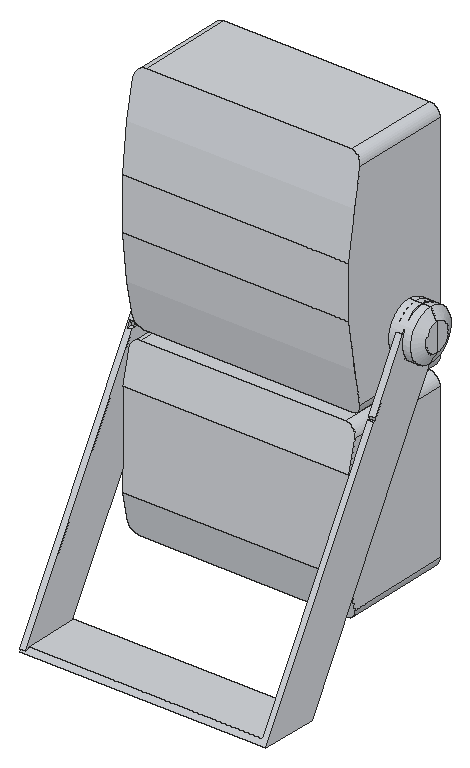
Revit family "Lighting-Floodlights-GEWISS-SMART[PRO]2.0-LED-MEDIUM-POWER_1MODULE_CLI", category Apparecchi per illuminazione, host Superficie, Revit 2019
Family settings
  Host = Superficie
  Quota connettore circolare = Usa diametro
  Tipo di parte = Normale
  Taglio con vuoti quando caricato = No
  Sorgente d'illuminazione = No
  Condiviso = No
  Punto di calcolo locali = Sì
Parameters (values of type "GWP2185NS - SMARTPRO2.0 1M 5700K CRI80 A3 1-10V CL1")
  Wiring = "Watertight connector"
  Weight (kg): = "5,7"
  Warranty = "5 years"
  Voltage- = ""
  Versions = "5700K cold light"
  Version file RFA = "20.11"
  VISIBILITA' SIMBOLO [instance] = yes
  VISIBILITA' PROIETTORE IN PIANTA [instance] = not(VISIBILITA' SIMBOLO)  # no
  Unique digital code (Datamatrix) = "Currently not present"
  Unified Glare Rating = "G*6 - ULOR = 0"
  URL = "https://www.gewiss.com/ww/en"
  Typology = ""
  Type of light source = "LED - Not replaceable"
  Tilt- = "Rotation on bracket with integrated goniometer"
  Technical sheet = "https://www.gewiss.com/ww/en/search?q=GWP2185NS"
  System power = "165W"
  Supply voltage = "220 - 240 V"
  Stocking temperature = "-"
  Standards and approvals = "-"
  Standard- = "EN60598-1; EN60598-2-5; EN60598-2-24; IEC 62778; IEC62471; EN13201"
  Standard Deviation Colour Matching = "SDCM = 3"
  Spostamento_y_anteriore [instance] = 400 mm
  Spostamento_x_effettivo_ET [instance] = 4000 mm - Spostamento_x_ET  # 2938.794 mm
  Spostamento_x_effettivo [instance] = 4000 mm - Spostamento_x  # 2938.794 mm
  Spostamento_x_ET [instance] = 1061.206 mm
  Spostamento_x [instance] = 1061.206 mm
  Shock resistance = "IK08"
  Shield type = "Flat tempered glass 4mm"
  SEO = "Floodlight"
  Regolazione inclinazione = ""
  Realized by GEWISS S.p.A. = ""
  Rated frequency (Hz) = "50 / 60"
  Default Elevation = 1219.2 mm
  Produttore = "GEWISS S.p.A."
  Photobiological Risk Class = "-"
  Overvoltage resistance : = ""
  Overvoltage protection = "DM 6 kV / CM 10 kV"
  Optic and illuminating features = "-"
  Optic Maintenance = "Not available"
  Optic : = "Polished anodised aluminum reflector with 99.99% pure aluminum"
  Optic = "A3 - Assymetric Narrow"
  Operating temperature: = ""
  Operating temperature : = "-30 +40 °C"
  Number of modules = ""
  Nome quadro [instance] = "330W"
  Mouting and installation = "High-mast lighting - Wall mounting - Ground mouting"
  Modello = "GWP2185NS"
  Minimum distance from the illuminated object = ""
  Maximum surface exposed to the wind : = "0,085 m2"
  Maximum surface exposed to the wind = ""
  Materials = "-"
  Luminaire = "LED luminaire with small,mid and high lumen power"
  Lumen output (lm) = "17600"
  Locking Hook = "Hexagonal metric screws"
  Lifetime = "L90B10 (Tq+25°C) - 50000h L90B10 (Tq+40°C) = 40000h L80B10 (Tq+25°C) - 110000h"
  Life Time L90B10 (Tq 50Â°C) : = ""
  Life Time L90B10 (Tq 40Â°C) = ""
  Life Time L90B10 (Tq 25Â°C) : = ""
  Life Time L80B10 (Tq 25Â°C) = ""
  Lamp- = ""
  LED current = ""
  LED Maintenance = "Not available"
  Insulation class = "I"
  Installationa and maintenance = "-"
  Immagine tipo = SMARTPRO20_1M.jpg
  IPEA = "ROAD = A // LARGE AREAS = A3 + // CYCLOPEDONALS = A + // GREEN AREAS = A + // HISTORICAL CENTER = A5 + // OTHER = A5 +"
  IP degree = "IP66"
  IDT = "e1d71c87574d4cdbb5424318827b01ba"
  IDF = "a5e66f1d-93b2-40d0-b850-0f4f564f9cc8"
  Glow Wire Test : = "-"
  General information = "-"
  Gasket = "Anti-aging silicone"
  GW - Codice Electrocod = "2424"
  Flusso nominale = ""
  Fixing = "Bracket"
  External screw = "Stainless steel"
  Eletrical and lighting features = "-"
  Efficiency (lm/W) = "107"
  Driver Box = "Built-in"
  Driver = "Included"
  Device with reduced surface temperature = "Yes"
  Descrizione = "SMARTPRO2.0 1M 5700K CRI80 A3 1-10V CL1"
  DIN 18032-3 certification = "Yes"
  Control System = "Stand Alone - 1/10V"
  Context = "Sport, Big Areas"
  Colour temperature: = ""
  Colour temperature = "5700K"
  Colour : = "Polyester powder coated"
  Colour = "Graphite grey"
  Color Rendering Index = "CRI-80"
  Classification: = "-"
  Catalogue Range = ""
  Catalogue = "LIGHTING"
  COBie.Tagnumber = ""
  COBie.CreatedOn = ""
  COBie.CreatebBy = ""
  COBie.ComponentRegisterItemID = ""
  COBie.Component.TagNumber = ""
  COBie.Component.Space = ""
  COBie.Component.SerialNumber = ""
  COBie.Component.InstallationDate = ""
  COBie.Component.Description = ""
  COBie.Component.BarCode = ""
  Body = "Die-cast aluminium -"
  Applicazione = "Indoor / Outdoor"
Reference planes
  plane 1 "Centro (Fronte/Retro)": y = 0
  plane 2: z = 0
  plane 3 "Centro (Sinistra/Destra)": x = 0
  plane 4: x = -2938.794
  plane 5: x = 0
  plane 6: x = 0
  plane 7: x = -110.332
  plane 8: x = 0
  plane 9: z = 400
Lines and regions (mm)
  Masking region 1, visible <- "VISIBILITA' PROIETTORE IN PIANTA"
    outline origin (0, 0, 0) x (1, 0, 0) y (0, 1, 0)
      loop
        line (-113.096, 45.653) -> (-113.096, -114.347) -> (116.904, -114.347) -> (116.904, 45.653) -> (127.64, 45.653) -> (133.668, 56.093) -> (133.668, 82.169) -> (127.64, 92.61) -> (106.168, 92.61) -> (106.168, 106.682) -> (-106.168, 106.682) -> (-106.168, 92.61) -> (-127.64, 92.61) -> (-133.668, 82.169) -> (-133.668, 56.093) -> (-127.64, 45.653) -> (-113.096, 45.653)
  Masking region 2, visible <- "VISIBILITA' PROIETTORE IN PIANTA"
    outline origin (0, 0, 0) x (1, 0, 0) y (0, 0, 1)
      loop
        line (-103.332, 218.171) -> (106.168, 218.171) -> (106.168, 246.133) -> (127.64, 246.133) -> (133.668, 256.573) -> (133.668, 282.649) -> (127.64, 293.081) -> (106.168, 293.081) -> (106.168, 438.501) -> (-106.168, 438.501) -> (-106.168, 296.105) -> (-127.64, 296.105) -> (-133.668, 285.674) -> (-133.668, 259.598) -> (-127.64, 249.157) -> (-103.332, 249.157) -> (-103.332, 218.171)
      loop
        line (-103.332, 212.854) -> (-103.332, 48.854) -> (106.168, 48.854) -> (106.168, 212.854) -> (-103.332, 212.854)
  Masking region 3, visible <- "VISIBILITA' PROIETTORE IN PIANTA"
    outline origin (0, 0, 0) x (1, 0, 0) y (0, 0, 1)
      loop
        line (-115.056, 249.157) -> (-115.056, 0) -> (119.168, 0) -> (119.168, 246.133) -> (113.168, 246.133) -> (113.168, 5) -> (-110.332, 5) -> (-110.332, 249.157) -> (-115.056, 249.157)
Dimensions and locks
  plane 4 to plane 3 "Centro (Sinistra/Destra)" = 2938.794 mm
  "Spostamento_x_effettivo": plane 4 to plane 5
  "Spostamento_x_effettivo_ET": plane 4 to plane 6
  Masking region 2 sketch curve to nested 1 = 7 mm
  "Spostamento_x_effettivo": plane 8 to plane 4
  "Spostamento_y_anteriore": plane 9 to plane 2
  aligned and locked: plane 2 to host face
  aligned and locked: level to host face
  aligned and locked: plane 1 "Centro (Fronte/Retro)" to nested 1
  aligned and locked: plane 5 to nested 3
  aligned and locked: plane 6 to nested 2
  aligned and locked: nested 4 to plane 8
  aligned and locked: nested 4 to plane 9
Automatic sketch dimensions
  host sketch curve to host sketch curve = 2438.4 mm  (x2)
  Masking region 1 sketch curve to plane 3 "Centro (Sinistra/Destra)" = 133.668 mm
  Masking region 1 sketch curve to Masking region 1 sketch curve = 6.028 mm  (x3)
  Masking region 1 sketch curve to plane 1 "Centro (Fronte/Retro)" = 45.653 mm  (x2)
  Masking region 1 sketch curve to Masking region 1 sketch curve = 21.472 mm  (x2)
  plane 3 "Centro (Sinistra/Destra)" to Masking region 1 sketch curve = 106.168 mm
  plane 3 "Centro (Sinistra/Destra)" to Masking region 1 sketch curve = 116.904 mm
  Masking region 1 sketch curve to Masking region 1 sketch curve = 10.736 mm
  plane 1 "Centro (Fronte/Retro)" to Masking region 1 sketch curve = 114.347 mm
  Masking region 1 sketch curve to Masking region 1 sketch curve = 10.44 mm  (x4)
  Masking region 1 sketch curve to Masking region 1 sketch curve = 26.076 mm  (x2)
  Masking region 1 sketch curve to Masking region 1 sketch curve = 14.072 mm
  Masking region 1 sketch curve to Masking region 1 sketch curve = 14.543 mm
  Masking region 2 sketch curve to Masking region 2 sketch curve = 6.028 mm  (x4)
  Masking region 2 sketch curve to Masking region 2 sketch curve = 24.307 mm
  Masking region 2 sketch curve to Masking region 2 sketch curve = 0 mm  (x2)
  Masking region 2 sketch curve to plane 3 "Centro (Sinistra/Destra)" = 106.168 mm
  level to Masking region 2 sketch curve = 48.854 mm
  Masking region 2 sketch curve to Masking region 2 sketch curve = 21.472 mm  (x2)
  Masking region 2 sketch curve to Masking region 2 sketch curve = 164 mm
  Masking region 2 sketch curve to Masking region 2 sketch curve = 5.317 mm
  Masking region 2 sketch curve to Masking region 2 sketch curve = 27.962 mm
  Masking region 2 sketch curve to Masking region 2 sketch curve = 30.986 mm
  Masking region 2 sketch curve to Masking region 2 sketch curve = 10.44 mm  (x2)
  Masking region 2 sketch curve to Masking region 2 sketch curve = 26.076 mm  (x2)
  Masking region 2 sketch curve to Masking region 2 sketch curve = 10.432 mm  (x2)
  Masking region 2 sketch curve to Masking region 2 sketch curve = 142.396 mm
  plane 3 "Centro (Sinistra/Destra)" to Masking region 2 sketch curve = 106.168 mm
  Masking region 3 sketch curve to level = 0 mm
  Masking region 3 sketch curve to plane 3 "Centro (Sinistra/Destra)" = 115.056 mm
  Masking region 3 sketch curve to Masking region 3 sketch curve = 4.724 mm
  level to Masking region 3 sketch curve = 5 mm
  plane 3 "Centro (Sinistra/Destra)" to Masking region 3 sketch curve = 113.168 mm
  Masking region 3 sketch curve to Masking region 3 sketch curve = 244.157 mm
  Masking region 3 sketch curve to Masking region 3 sketch curve = 6 mm
  Masking region 3 sketch curve to Masking region 3 sketch curve = 3.025 mm
Nested families
  nested 1: "Base_SMART[PRO]2.0 1M" at (-346.832, -103.584, 0), type "GWP2273AD - 3000K - Symm. S1 - 2x80 LED - 330W - IP66"
    with Vista in pianta no, VISIBILITA' SIMBOLO IN PIANTA no, VISIBILITA' SIMBOLO yes, VISIBILITA' PROIETTORE IN PIANTA yes, VISIBILITA' ETICHETTA yes, Distanza_x_ET 0 mm, Distanza_x 300 mm, Distanza_effettiva_y_sim 2433.54 mm, Distanza_effettiva_y_ET 1320 mm, Distanza_effettiva_x_ET 4000 mm, Distanza_effettiva_x 3700 mm
  nested 2: "ETICHETTA LIGHT" at (0, -183.617, 0), type "ETICHETTA LIGHT"
  nested 3: "PROIETTSMART - 2" at (0, 16.651, 0), visible <- "VISIBILITA' SIMBOLO", type "PROIETTSMART - 2"
  nested 4: "PROIETTSMART - 2" at (0, 0, 400) x (1, 0, 0) z (0, -1, 0), visible <- "VISIBILITA' SIMBOLO", type "PROIETTSMART - 2"
Definition of nested family "Base_SMART[PRO]2.0 1M"
  Parameters (values of type "GWP2273AD - 3000K - Symm. S1 - 2x80 LED - 330W - IP66")
    struttura = none
    l = 440 mm  # constant formula
    Vista in pianta [instance] = no
    VISIBILITA' PROIETTORE IN PIANTA [instance] = yes
    VISIBILITA' ETICHETTA [instance] = yes
    Vetro = none
    Versioni = "Luce calda 3000K"
    VISIBILITA' SIMBOLO IN PIANTA [instance] = not(VISIBILITA' SIMBOLO)  # no
    VISIBILITA' SIMBOLO [instance] = yes
    Tensione lampada = 230 V
    Temperatura di colore = "3000 K (CRI 70)"
    Superficie massima esposta al vento [mq] = "0,43"
    Serie = "SMART [PRO] 2.0"
    Resistenza agli urti = "IK08"
    Regolazione inclinazione = "-180° ÷ + 180° staffa"
    Default Elevation = 1219.2 mm
    Manufacturer = "GEWISS"
    Potenza di sistema = "330W"
    Peso (kg) = "13"
    Ottica = "Simmetrica S1"
    N° LED = "160"
    Numero moduli = "2 (2x80 LED)"
    Numero di poli = 2
    Model = "GWP2273AS"
    Lumen output (lm) = "34925"
    Lamp = "LED"
    Type Image = element 166027
    GW - Grado di protezione = "IP66"
    Garanzia = "5 anni"
    GEWISS SCHEDA TECNICA = "http://pro.gewiss.com/irj/portal/?NavigationTarget=pcd:portal_content/com.gewiss.ZPPFDMain/com.gewiss.ZPPFDITMain/com.gewiss.ZPPFDITMainDefault/com.gewiss.ZPPFDITPages/com.gewiss.ZPPFDITPagesAP/com.gewiss.ZPPFDITPagesAPCatalogo/com.gewiss.ZPPPDITAPProductDetail&codProd=GWP2273AD"
    Flusso nominale = "44800"
    Distanza_x_ET [instance] = 0 mm
    Distanza_x [instance] = 300 mm
    Distanza_effettiva_y_sim [instance] = 2433.54 mm
    Distanza_effettiva_y_ET [instance] = 1320 mm
    Distanza_effettiva_x_ET [instance] = 4000 mm - Distanza_x_ET  # 4000 mm
    Distanza_effettiva_x [instance] = 4000 mm - Distanza_x  # 3700 mm
    Description = "SMART PRO 2M 3000K CRI70 TYPE S1 DALI"
    GW - Codice Electrocod = "2424"
    Classe isolamento = "I"
    GW - Catalogo = "LIGHTING"
    Apparent Load = 330 VA
    Applicazione = "Interno / Esterno"
  Types (24, lengths in mm): name | Versioni | Temperatura di colore | Ottica | Lumen output (lm) | GEWISS SCHEDA TECNICA | Flusso nominale | Distanza_x | Distanza_effettiva_y_ET | Distanza_effettiva_x | Description
    GWP2273AD - 3000K - Symm. S1 - 2x80 LED - 330W - IP66 | "Luce calda 3000K" | "3000 K (CRI 70)" | "Simmetrica S1" | "34925" | "http://pro.gewiss.com/irj/portal/?NavigationTarget=pcd:portal_content/com.gewiss.ZPPFDMain/com.gewiss.ZPPFDITMain/com.gewiss.ZPPFDITMainDefault/com.gewiss.ZPPFDITPages/com.gewiss.ZPPFDITPagesAP/com.gewiss.ZPPFDITPagesAPCatalogo/com.gewiss.ZPPPDITAPProductDetail&codProd=GWP2273AD" | "44800" | 300 | 1320 | 3700 | "SMART PRO 2M 3000K CRI70 TYPE S1 DALI"
    GWP2273BD - 3000K - Symm. S2 - 2x80 LED - 330W - IP66 | "Luce calda 3000K" | "3000 K (CRI 70)" | "Simmetrica S2" | "37137" | "http://pro.gewiss.com/irj/portal/?NavigationTarget=pcd:portal_content/com.gewiss.ZPPFDMain/com.gewiss.ZPPFDITMain/com.gewiss.ZPPFDITMainDefault/com.gewiss.ZPPFDITPages/com.gewiss.ZPPFDITPagesAP/com.gewiss.ZPPFDITPagesAPCatalogo/com.gewiss.ZPPPDITAPProductDetail&codProd=GWP2273BD" | "44800" | 0 | 400 | 4000 | "SMART PRO 2M 3000K CRI70 TYPE S2 DALI"
    GWP2273CD - 3000K - Asymm. A1 - 2x80 LED - 330W - IP66 | "Luce calda 3000K" | "3000 K (CRI 70)" | "Asimmetrica A1" | "34141" | "http://pro.gewiss.com/irj/portal/?NavigationTarget=pcd:portal_content/com.gewiss.ZPPFDMain/com.gewiss.ZPPFDITMain/com.gewiss.ZPPFDITMainDefault/com.gewiss.ZPPFDITPages/com.gewiss.ZPPFDITPagesAP/com.gewiss.ZPPFDITPagesAPCatalogo/com.gewiss.ZPPPDITAPProductDetail&codProd=GWP2273CD" | "44800" | 0 | 400 | 4000 | "SMART PRO 2M 3000K CRI70 TYPE A1 DALI"
    GWP2273FD - 3000K - Asymm. A2 - 2x80 LED - 330W - IP66 | "Luce calda 3000K" | "3000 K (CRI 70)" | "Asimmetrica A2" | "29176" | "http://pro.gewiss.com/irj/portal/?NavigationTarget=pcd:portal_content/com.gewiss.ZPPFDMain/com.gewiss.ZPPFDITMain/com.gewiss.ZPPFDITMainDefault/com.gewiss.ZPPFDITPages/com.gewiss.ZPPFDITPagesAP/com.gewiss.ZPPFDITPagesAPCatalogo/com.gewiss.ZPPPDITAPProductDetail&codProd=GWP2273FD" | "44800" | 0 | 400 | 4000 | "SMART PRO 2M 3000K CRI70 TYPE A2 DALI"
    GWP2273GD - 3000K - Circ. C4 - 2x80 LED - 330W - IP66 | "Luce calda 3000K" | "3000 K (CRI 70)" | "Circolare C4" | "35261" | "http://pro.gewiss.com/irj/portal/?NavigationTarget=pcd:portal_content/com.gewiss.ZPPFDMain/com.gewiss.ZPPFDITMain/com.gewiss.ZPPFDITMainDefault/com.gewiss.ZPPFDITPages/com.gewiss.ZPPFDITPagesAP/com.gewiss.ZPPFDITPagesAPCatalogo/com.gewiss.ZPPPDITAPProductDetail&codProd=GWP2273GD" | "44800" | 0 | 400 | 4000 | "SMART PRO 2M 3000K CRI70 TYPE C4 DALI"
    GWP2273HD - 3000K - Circ. C3 - 2x80 LED - 330W - IP66 | "Luce calda 3000K" | "3000 K (CRI 70)" | "Circolare C3" | "35261" | "http://pro.gewiss.com/irj/portal/?NavigationTarget=pcd:portal_content/com.gewiss.ZPPFDMain/com.gewiss.ZPPFDITMain/com.gewiss.ZPPFDITMainDefault/com.gewiss.ZPPFDITPages/com.gewiss.ZPPFDITPagesAP/com.gewiss.ZPPFDITPagesAPCatalogo/com.gewiss.ZPPPDITAPProductDetail&codProd=GWP2273HD" | "44800" | 0 | 400 | 4000 | "SMART PRO 2M 3000K CRI70 TYPE C3 DALI"
    GWP2273LD - 3000K - Circ. C2 - 2x80 LED - 330W - IP66 | "Luce calda 3000K" | "3000 K (CRI 70)" | "Circolare C2" | "35261" | "http://pro.gewiss.com/irj/portal/?NavigationTarget=pcd:portal_content/com.gewiss.ZPPFDMain/com.gewiss.ZPPFDITMain/com.gewiss.ZPPFDITMainDefault/com.gewiss.ZPPFDITPages/com.gewiss.ZPPFDITPagesAP/com.gewiss.ZPPFDITPagesAPCatalogo/com.gewiss.ZPPPDITAPProductDetail&codProd=GWP2273LD" | "44800" | 0 | 400 | 4000 | "SMART PRO 2M 3000K CRI70 TYPE C2 DALI"
    GWP2273MD - 3000K - Circ. C1 - 2x80 LED - 330W - IP66 | "Luce calda 3000K" | "3000 K (CRI 70)" | "Circolare C1" | "35261" | "http://pro.gewiss.com/irj/portal/?NavigationTarget=pcd:portal_content/com.gewiss.ZPPFDMain/com.gewiss.ZPPFDITMain/com.gewiss.ZPPFDITMainDefault/com.gewiss.ZPPFDITPages/com.gewiss.ZPPFDITPagesAP/com.gewiss.ZPPFDITPagesAPCatalogo/com.gewiss.ZPPPDITAPProductDetail&codProd=GWP2273MD" | "44800" | 0 | 400 | 4000 | "SMART PRO 2M 3000K CRI70 TYPE C1 DALI"
    GWP2274AD - 4000K - Symm. S1 - 2x80 LED - 330W - IP66 | "Luce naturale 4000K" | "4000 K (CRI 70)" | "Simmetrica S1" | "37420" | "http://pro.gewiss.com/irj/portal/?NavigationTarget=pcd:portal_content/com.gewiss.ZPPFDMain/com.gewiss.ZPPFDITMain/com.gewiss.ZPPFDITMainDefault/com.gewiss.ZPPFDITPages/com.gewiss.ZPPFDITPagesAP/com.gewiss.ZPPFDITPagesAPCatalogo/com.gewiss.ZPPPDITAPProductDetail&codProd=GWP2274AD" | "48000" | 0 | 400 | 4000 | "SMART PRO 2M 4000K CRI70 TYPE S1 DALI"
    GWP2274BD - 4000K - Symm. S2 - 2x80 LED - 330W - IP66 | "Luce naturale 4000K" | "4000 K (CRI 70)" | "Simmetrica S2" | "39790" | "http://pro.gewiss.com/irj/portal/?NavigationTarget=pcd:portal_content/com.gewiss.ZPPFDMain/com.gewiss.ZPPFDITMain/com.gewiss.ZPPFDITMainDefault/com.gewiss.ZPPFDITPages/com.gewiss.ZPPFDITPagesAP/com.gewiss.ZPPFDITPagesAPCatalogo/com.gewiss.ZPPPDITAPProductDetail&codProd=GWP2274BD" | "48000" | 0 | 400 | 4000 | "SMART PRO 2M 4000K CRI70 TYPE S2 DALI"
    GWP2274CD - 4000K - Asymm. A1 - 2x80 LED - 330W - IP66 | "Luce naturale 4000K" | "4000 K (CRI 70)" | "Asimmetrica A1" | "36580" | "http://pro.gewiss.com/irj/portal/?NavigationTarget=pcd:portal_content/com.gewiss.ZPPFDMain/com.gewiss.ZPPFDITMain/com.gewiss.ZPPFDITMainDefault/com.gewiss.ZPPFDITPages/com.gewiss.ZPPFDITPagesAP/com.gewiss.ZPPFDITPagesAPCatalogo/com.gewiss.ZPPPDITAPProductDetail&codProd=GWP2274CD" | "48000" | 0 | 400 | 4000 | "SMART PRO 2M 4000K CRI70 TYPE A1 DALI"
    GWP2274FD - 4000K - Asymm. A2 - 2x80 LED - 330W - IP66 | "Luce naturale 4000K" | "4000 K (CRI 70)" | "Asimmetrica A2" | "31260" | "http://pro.gewiss.com/irj/portal/?NavigationTarget=pcd:portal_content/com.gewiss.ZPPFDMain/com.gewiss.ZPPFDITMain/com.gewiss.ZPPFDITMainDefault/com.gewiss.ZPPFDITPages/com.gewiss.ZPPFDITPagesAP/com.gewiss.ZPPFDITPagesAPCatalogo/com.gewiss.ZPPPDITAPProductDetail&codProd=GWP2274FD" | "48000" | 0 | 400 | 4000 | "SMART PRO 2M 4000K CRI70 TYPE A2 DALI"
    GWP2274GD - 4000K - Circ. C4 - 2x80 LED - 330W - IP66 | "Luce naturale 4000K" | "4000 K (CRI 70)" | "Circolare C4" | "37780" | "http://pro.gewiss.com/irj/portal/?NavigationTarget=pcd:portal_content/com.gewiss.ZPPFDMain/com.gewiss.ZPPFDITMain/com.gewiss.ZPPFDITMainDefault/com.gewiss.ZPPFDITPages/com.gewiss.ZPPFDITPagesAP/com.gewiss.ZPPFDITPagesAPCatalogo/com.gewiss.ZPPPDITAPProductDetail&codProd=GWP2274GD" | "48000" | 0 | 400 | 4000 | "SMART PRO 2M 4000K CRI70 TYPE C4 DALI"
    GWP2274HD - 4000K - Circ. C3 - 2x80 LED - 330W - IP66 | "Luce naturale 4000K" | "4000 K (CRI 70)" | "Circolare C3" | "37780" | "http://pro.gewiss.com/irj/portal/?NavigationTarget=pcd:portal_content/com.gewiss.ZPPFDMain/com.gewiss.ZPPFDITMain/com.gewiss.ZPPFDITMainDefault/com.gewiss.ZPPFDITPages/com.gewiss.ZPPFDITPagesAP/com.gewiss.ZPPFDITPagesAPCatalogo/com.gewiss.ZPPPDITAPProductDetail&codProd=GWP2274HD" | "48000" | 0 | 400 | 4000 | "SMART PRO 2M 4000K CRI70 TYPE C3 DALI"
    GWP2274LD - 4000K - Circ. C2 - 2x80 LED - 330W - IP66 | "Luce naturale 4000K" | "4000 K (CRI 70)" | "Circolare C2" | "37780" | "http://pro.gewiss.com/irj/portal/?NavigationTarget=pcd:portal_content/com.gewiss.ZPPFDMain/com.gewiss.ZPPFDITMain/com.gewiss.ZPPFDITMainDefault/com.gewiss.ZPPFDITPages/com.gewiss.ZPPFDITPagesAP/com.gewiss.ZPPFDITPagesAPCatalogo/com.gewiss.ZPPPDITAPProductDetail&codProd=GWP2274LD" | "48000" | 0 | 400 | 4000 | "SMART PRO 2M 4000K CRI70 TYPE C2 DALI"
    GWP2274MD - 4000K - Circ. C1 - 2x80 LED - 330W - IP66 | "Luce naturale 4000K" | "4000 K (CRI 70)" | "Circolare C1" | "37780" | "http://pro.gewiss.com/irj/portal/?NavigationTarget=pcd:portal_content/com.gewiss.ZPPFDMain/com.gewiss.ZPPFDITMain/com.gewiss.ZPPFDITMainDefault/com.gewiss.ZPPFDITPages/com.gewiss.ZPPFDITPagesAP/com.gewiss.ZPPFDITPagesAPCatalogo/com.gewiss.ZPPPDITAPProductDetail&codProd=GWP2274MD" | "48000" | 0 | 400 | 4000 | "SMART PRO 2M 4000K CRI70 TYPE C1 DALI"
    GWP2275AD - 5700K - Symm. S1 - 2x80 LED - 330W - IP66 | "Luce fredda 5700K" | "5700 K (CRI 70)" | "Simmetrica S1" | "37420" | "http://pro.gewiss.com/irj/portal/?NavigationTarget=pcd:portal_content/com.gewiss.ZPPFDMain/com.gewiss.ZPPFDITMain/com.gewiss.ZPPFDITMainDefault/com.gewiss.ZPPFDITPages/com.gewiss.ZPPFDITPagesAP/com.gewiss.ZPPFDITPagesAPCatalogo/com.gewiss.ZPPPDITAPProductDetail&codProd=GWP2275AD" | "48000" | 0 | 400 | 4000 | "SMART PRO 2M 5700K CRI70 TYPE S1 DALI"
    GWP2275BD - 5700K - Symm. S2 - 2x80 LED - 330W - IP66 | "Luce fredda 5700K" | "5700 K (CRI 70)" | "Simmetrica S2" | "39790" | "http://pro.gewiss.com/irj/portal/?NavigationTarget=pcd:portal_content/com.gewiss.ZPPFDMain/com.gewiss.ZPPFDITMain/com.gewiss.ZPPFDITMainDefault/com.gewiss.ZPPFDITPages/com.gewiss.ZPPFDITPagesAP/com.gewiss.ZPPFDITPagesAPCatalogo/com.gewiss.ZPPPDITAPProductDetail&codProd=GWP2275BD" | "48000" | 0 | 400 | 4000 | "SMART PRO 2M 5700K CRI70 TYPE S2 DALI"
    GWP2275CD - 5700K - Asymm. A1 - 2x80 LED - 330W - IP66 | "Luce fredda 5700K" | "5700 K (CRI 70)" | "Asimmetrica A1" | "36580" | "http://pro.gewiss.com/irj/portal/?NavigationTarget=pcd:portal_content/com.gewiss.ZPPFDMain/com.gewiss.ZPPFDITMain/com.gewiss.ZPPFDITMainDefault/com.gewiss.ZPPFDITPages/com.gewiss.ZPPFDITPagesAP/com.gewiss.ZPPFDITPagesAPCatalogo/com.gewiss.ZPPPDITAPProductDetail&codProd=GWP2275CD" | "48000" | 0 | 400 | 4000 | "SMART PRO 2M 5700K CRI70 TYPE A1 DALI"
    GWP2275FD - 5700K - Asymm. A2 - 2x80 LED - 330W - IP66 | "Luce fredda 5700K" | "5700 K (CRI 70)" | "Asimmetrica A2" | "31260" | "http://pro.gewiss.com/irj/portal/?NavigationTarget=pcd:portal_content/com.gewiss.ZPPFDMain/com.gewiss.ZPPFDITMain/com.gewiss.ZPPFDITMainDefault/com.gewiss.ZPPFDITPages/com.gewiss.ZPPFDITPagesAP/com.gewiss.ZPPFDITPagesAPCatalogo/com.gewiss.ZPPPDITAPProductDetail&codProd=GWP2275FD" | "48000" | 0 | 400 | 4000 | "SMART PRO 2M 5700K CRI70 TYPE A2 DALI"
    GWP2275GD - 5700K - Circ. C4 - 2x80 LED - 330W - IP66 | "Luce fredda 5700K" | "5700 K (CRI 70)" | "Circolare C4" | "37780" | "http://pro.gewiss.com/irj/portal/?NavigationTarget=pcd:portal_content/com.gewiss.ZPPFDMain/com.gewiss.ZPPFDITMain/com.gewiss.ZPPFDITMainDefault/com.gewiss.ZPPFDITPages/com.gewiss.ZPPFDITPagesAP/com.gewiss.ZPPFDITPagesAPCatalogo/com.gewiss.ZPPPDITAPProductDetail&codProd=GWP2275GD" | "48000" | 0 | 400 | 4000 | "SMART PRO 2M 5700K CRI70 TYPE C4 DALI"
    GWP2275HD - 5700K - Circ. C3 - 2x80 LED - 330W - IP66 | "Luce fredda 5700K" | "5700 K (CRI 70)" | "Circolare C3" | "37780" | "http://pro.gewiss.com/irj/portal/?NavigationTarget=pcd:portal_content/com.gewiss.ZPPFDMain/com.gewiss.ZPPFDITMain/com.gewiss.ZPPFDITMainDefault/com.gewiss.ZPPFDITPages/com.gewiss.ZPPFDITPagesAP/com.gewiss.ZPPFDITPagesAPCatalogo/com.gewiss.ZPPPDITAPProductDetail&codProd=GWP2275HD" | "48000" | 0 | 400 | 4000 | "SMART PRO 2M 5700K CRI70 TYPE C3 DALI"
    GWP2275LD - 5700K - Circ. C2 - 2x80 LED - 330W - IP66 | "Luce fredda 5700K" | "5700 K (CRI 70)" | "Circolare C2" | "37780" | "http://pro.gewiss.com/irj/portal/?NavigationTarget=pcd:portal_content/com.gewiss.ZPPFDMain/com.gewiss.ZPPFDITMain/com.gewiss.ZPPFDITMainDefault/com.gewiss.ZPPFDITPages/com.gewiss.ZPPFDITPagesAP/com.gewiss.ZPPFDITPagesAPCatalogo/com.gewiss.ZPPPDITAPProductDetail&codProd=GWP2275LD" | "48000" | 0 | 400 | 4000 | "SMART PRO 2M 5700K CRI70 TYPE C2 DALI"
    GWP2275MD - 5700K - Circ. C1 - 2x80 LED - 330W - IP66 | "Luce fredda 5700K" | "5700 K (CRI 70)" | "Circolare C1" | "37780" | "http://pro.gewiss.com/irj/portal/?NavigationTarget=pcd:portal_content/com.gewiss.ZPPFDMain/com.gewiss.ZPPFDITMain/com.gewiss.ZPPFDITMainDefault/com.gewiss.ZPPFDITPages/com.gewiss.ZPPFDITPagesAP/com.gewiss.ZPPFDITPagesAPCatalogo/com.gewiss.ZPPPDITAPProductDetail&codProd=GWP2275MD" | "48000" | 0 | 400 | 4000 | "SMART PRO 2M 5700K CRI70 TYPE C1 DALI"
  Reference planes
    plane 1 "Centro (Fronte/Retro)": y = 0
    plane 2: z = 0
    plane 3 "Centro (Sinistra/Destra)": x = 0
    plane 4: z = 5
    plane 5: x = 466
    plane 6: x = 460
    plane 7: y = -9.551
    plane 8: y = 43.565
    plane 9: z = 267.876
    plane 10: z = 218.171
    plane 11: z = 212.854
    plane 12: x = 453
    plane 13: z = 438.501
    plane 14: x = 236.5
    plane 15: z = 48.854
    plane 16 "fronte": y = 210.266
    plane 17: y = 103.584
    plane 18: z = 428.501
    plane 19: z = 228.171
    plane 20: x = 443
    plane 21: y = 200.266
    plane 22: x = 220.335
    plane 23: x = 252.665
    plane 24: y = 195.345
    plane 25: z = 367.712
    plane 26: z = 306.922
    plane 27: x = 254.665
    plane 28: x = 441
    plane 29: z = 246.133
    plane 30: z = 426.501
    plane 31: z = 365.712
    plane 32: z = 369.712
    plane 33: z = 308.922
    plane 34: z = 304.922
    plane 35: z = 248.133
    plane 36: z = 244.133
    plane 37: x = -3763.5
    plane 38: x = 240.665
    plane 39: x = 213.665
    plane 40: x = 346.832
    plane 41: x = 236.5
  Forms (mm)
    Extrusion 1, solid
      sketch origin (0, 0, 2.872) x (0, 1, 0) y (0, 0, 1)
        loop
          line (153.15, 281.807) -> (-9.551, 0) -> (43.565, 0) -> (192.952, 258.745)
          arc (192.952, 258.745) -> (184.564, 290.146) -> (153.15, 281.807) r 23
      from 235.316 to 240.665
    Extrusion 2, solid
      sketch origin (448.871, 0, 0) x (0, 1, 0) y (0, 0, -1)
        loop
          arc (153.15, -281.807) -> (184.564, -290.146) -> (192.952, -258.745) r 23
          line (192.952, -258.745) -> (43.565, 0) -> (-9.551, 0) -> (153.15, -281.807)
      from -17.129 to -11.129
    Extrusion 3, solid
      sketch origin (0, 0, 0) x (0, 1, 0) y (0, 0, 1)
        loop
          line (46.452, 5) -> (-6.664, 5) -> (-9.551, 0) -> (43.565, 0) -> (46.452, 5)
      from 235.316 to 466
    Extrusion 4, solid
      sketch origin (0, 0, 0) x (1, 0, 0) y (0, 0, 1)
        loop
          arc (250.665, 438.501) -> (243.594, 435.572) -> (240.665, 428.501) r 10
          line (240.665, 428.501) -> (240.665, 228.171)
          arc (240.665, 228.171) -> (243.594, 221.1) -> (250.665, 218.171) r 10
          line (250.665, 218.171) -> (443, 218.171)
          arc (443, 218.171) -> (450.071, 221.1) -> (453, 228.171) r 10
          line (453, 228.171) -> (453, 428.501)
          arc (453, 428.501) -> (450.071, 435.572) -> (443, 438.501) r 10
          line (443, 438.501) -> (250.665, 438.501)
      from -210.266 to -103.584
    Extrusion 5, solid
      sketch origin (0, 0, 0) x (1, 0, 0) y (0, 0, 1)
        loop
          line (250.665, 48.854) -> (443, 48.854)
          arc (443, 48.854) -> (450.071, 51.783) -> (453, 58.854) r 10
          line (453, 58.854) -> (453, 202.854)
          arc (453, 202.854) -> (450.071, 209.925) -> (443, 212.854) r 10
          line (443, 212.854) -> (250.665, 212.854)
          arc (250.665, 212.854) -> (243.594, 209.925) -> (240.665, 202.854) r 10
          line (240.665, 202.854) -> (240.665, 58.854)
          arc (240.665, 58.854) -> (243.594, 51.783) -> (250.665, 48.854) r 10
      from -210.266 to -103.584
    Extrusion 6, void
      sketch origin (0, 0, 0) x (0, 1, 0) y (0, 0, 1)
        loop
          line (0, 438.501) -> (0, 218.171) -> (119.109, 218.171)
          arc (119.109, 218.171) -> (108.875, 260.63) -> (103.584, 303.983) r 379.693
          line (103.584, 303.983) -> (103.584, 352.689)
          arc (103.584, 352.689) -> (108.875, 396.042) -> (119.109, 438.501) r 379.693
          line (119.109, 438.501) -> (0, 438.501)
      from 236.5 to 466
    Extrusion 7, void
      sketch origin (0, 0, 0) x (1, 0, 0) y (0, 0, 1)
        loop
          arc (262.665, 428.501) -> (255.594, 425.572) -> (252.665, 418.501) r 10
          line (252.665, 418.501) -> (252.665, 238.171)
          arc (252.665, 238.171) -> (255.594, 231.1) -> (262.665, 228.171) r 10
          line (262.665, 228.171) -> (433, 228.171)
          arc (433, 228.171) -> (440.071, 231.1) -> (443, 238.171) r 10
          line (443, 238.171) -> (443, 418.501)
          arc (443, 418.501) -> (440.071, 425.572) -> (433, 428.501) r 10
          line (433, 428.501) -> (262.665, 428.501)
      from -210.266 to -200.266
    Extrusion 8, solid, material <- "Vetro"
      sketch origin (0, 0, 0) x (1, 0, 0) y (0, 0, 1)
        loop
          line (252.665, 418.501) -> (252.665, 238.171)
          arc (252.665, 238.171) -> (255.594, 231.1) -> (262.665, 228.171) r 10
          line (262.665, 228.171) -> (433, 228.171)
          arc (433, 228.171) -> (440.071, 231.1) -> (443, 238.171) r 10
          line (443, 238.171) -> (443, 418.501)
          arc (443, 418.501) -> (440.071, 425.572) -> (433, 428.501) r 10
          line (433, 428.501) -> (262.665, 428.501)
          arc (262.665, 428.501) -> (255.594, 425.572) -> (252.665, 418.501) r 10
      from -210.266 to -200.266
    Extrusion 9, void
      sketch origin (0, 0, 0) x (0, 1, 0) y (0, 0, 1)
        loop
          line (103.584, 86.118) -> (103.584, 175.59)
          arc (103.584, 175.59) -> (107.698, 194.338) -> (112.752, 212.854) r 380
          line (112.752, 212.854) -> (0, 212.854) -> (0, 48.854) -> (112.752, 48.854)
          arc (112.752, 48.854) -> (107.698, 67.37) -> (103.584, 86.118) r 380
      from 240.665 to 453
    Revolve 10, solid
      sketch origin (287.979, 172.716, 2.872) x (1, 0, 0) y (0, 0, 1)
        loop
          line (-74.814, 269.764) -> (-47.314, 269.764) -> (-47.314, 293.242) -> (-68.786, 293.242) -> (-74.814, 282.802) -> (-74.814, 269.764)
        axis (-74.814, 269.764) -> (-47.314, 269.764)
      angle from 0 to 360
    Revolve 11, solid
      sketch origin (0, 172.716, 0) x (1, 0, 0) y (0, 0, 1)
        loop
          line (480.171, 269.764) -> (480.171, 282.802) -> (474.143, 293.242) -> (452.671, 293.242) -> (452.671, 269.764) -> (480.171, 269.764)
        axis (480.171, 269.764) -> (452.671, 269.764)
      angle from 0 to 360
    Extrusion 12, solid, detail levels medium+fine
      sketch origin (0, 0, 0) x (1, 0, 0) y (0, 0, 1)
        loop
          line (441, 426.501) -> (381.555, 426.501) -> (381.555, 369.712) -> (441, 369.712) -> (441, 426.501)
        loop
          line (441, 365.712) -> (381.555, 365.712) -> (381.555, 308.922) -> (441, 308.922) -> (441, 365.712)
        loop
          line (377.555, 426.501) -> (318.11, 426.501) -> (318.11, 369.712) -> (377.555, 369.712) -> (377.555, 426.501)
        loop
          line (314.11, 426.501) -> (254.665, 426.501) -> (254.665, 369.712) -> (314.11, 369.712) -> (314.11, 426.501)
        loop
          line (441, 304.922) -> (381.555, 304.922) -> (381.555, 248.133) -> (441, 248.133) -> (441, 304.922)
        loop
          line (443, 244.133) -> (443, 306.484) -> (443, 369.712) -> (443, 428.501) -> (252.665, 428.501) -> (252.665, 244.133) -> (314.11, 244.133) -> (379.861, 244.133) -> (443, 244.133)
        loop
          line (377.555, 365.712) -> (318.11, 365.712) -> (318.11, 308.922) -> (377.555, 308.922) -> (377.555, 365.712)
        loop
          line (377.555, 304.922) -> (318.11, 304.922) -> (318.11, 248.133) -> (377.555, 248.133) -> (377.555, 304.922)
        loop
          line (314.11, 365.712) -> (254.665, 365.712) -> (254.665, 308.922) -> (314.11, 308.922) -> (314.11, 365.712)
        loop
          line (314.11, 304.922) -> (254.665, 304.922) -> (254.665, 248.133) -> (314.11, 248.133) -> (314.11, 304.922)
      from -200.266 to -195.345
  Cuts and joins
    Extrusion 6, Extrusion 9 cuts Extrusion 1
    Extrusion 6, Extrusion 9 cuts Extrusion 2
    Extrusion 6, Extrusion 9 cuts Extrusion 3
    joined: Extrusion 1, Extrusion 2, Extrusion 3
    Extrusion 6, Extrusion 7 cuts Extrusion 4
    Extrusion 9 cuts Extrusion 5
  Dimensions and locks
    locked: plane 4 to level at 5
    locked: plane 5 to plane 6 at 6
    plane 9 to plane 2 = 267.876 mm
    plane 10 to plane 11 = 5.317 mm
    locked: plane 6 to plane 12 at 7
    plane 13 to plane 10 = 220.33 mm
    plane 6 to plane 14 = 223.5 mm
    locked: plane 13 to plane 18 at 10
    locked: plane 12 to plane 20 at 10
    locked: plane 19 to plane 10 at 10
    locked: plane 21 to plane 16 "fronte" at 10
    equal spacing: plane 23, plane 14, plane 22
    plane 23 to plane 22 = 32.329 mm
    locked: plane 24 to plane 21 at 4.921
    plane 20 to plane 23 = 190.335 mm
    locked: plane 27 to plane 23 at 2
    equal spacing: plane 29, plane 26, plane 25, plane 18
    locked: plane 36 to plane 35 at 4
    locked: plane 34 to plane 33 at 4
    locked: plane 31 to plane 32 at 4
    locked: plane 30 to plane 18 at 2
    locked: plane 28 to plane 20 at 2
    plane 23 to plane 38 = 12 mm
    radius of Extrusion 4 sketch curve = 10 mm  (x4)
    radius of Extrusion 5 sketch curve = 10 mm  (x4)
    radius of Extrusion 7 sketch curve = 10 mm  (x4)
    radius of Extrusion 8 sketch curve = 10 mm  (x4)
    aligned and locked: level to plane 2
    aligned and locked: plane 5 to Extrusion 2
    aligned and locked: Extrusion 2 to plane 6
    aligned and locked: Extrusion 3 sketch curve to plane 4
    aligned and locked: Extrusion 3 sketch curve to level
    aligned and locked: cut or joined group of Extrusion 1, Extrusion 2, Extrusion 3, Extrusion 6, Extrusion 9 to Extrusion 3 sketch curve
    aligned and locked: Extrusion 3 sketch curve to cut or joined group of Extrusion 1, Extrusion 2, Extrusion 3, Extrusion 6, Extrusion 9
    aligned and locked: plane 5 to cut or joined group of Extrusion 1, Extrusion 2, Extrusion 3, Extrusion 6, Extrusion 9
    aligned and locked: Extrusion 4 sketch curve to plane 13
    aligned and locked: Extrusion 4 sketch curve to plane 12
    aligned and locked: Extrusion 4 sketch curve to plane 10
    aligned and locked: Extrusion 5 sketch curve to plane 15
    aligned and locked: Extrusion 5 sketch curve to plane 11
    aligned and locked: Extrusion 5 sketch curve to plane 12
    aligned and locked: plane 16 "fronte" to Extrusion 4
    aligned and locked: Extrusion 5 to Extrusion 4
    aligned and locked: plane 17 to Extrusion 4
    aligned and locked: Extrusion 4 to Extrusion 5
    aligned and locked: Extrusion 6 sketch curve to plane 13
    aligned and locked: Extrusion 6 sketch curve to plane 17
    aligned and locked: Extrusion 6 sketch curve to plane 1 "Centro (Fronte/Retro)"
    aligned and locked: Extrusion 6 sketch curve to plane 10
    aligned and locked: plane 5 to Extrusion 6
    aligned and locked: Extrusion 7 sketch curve to plane 18
    aligned and locked: Extrusion 7 sketch curve to plane 19
    aligned and locked: Extrusion 7 sketch curve to plane 20
    aligned and locked: plane 16 "fronte" to Extrusion 7
    aligned and locked: Extrusion 7 to plane 21
    aligned and locked: Extrusion 8 sketch curve to plane 18
    aligned and locked: Extrusion 8 sketch curve to plane 19
    aligned and locked: Extrusion 8 sketch curve to plane 20
    aligned and locked: plane 16 "fronte" to Extrusion 8
    aligned and locked: Extrusion 8 to plane 21
    aligned and locked: Extrusion 9 sketch curve to plane 17
    aligned and locked: Extrusion 9 sketch curve to plane 11
    aligned and locked: Extrusion 9 sketch curve to plane 15
    aligned and locked: Extrusion 9 sketch curve to plane 1 "Centro (Fronte/Retro)"
    aligned and locked: plane 12 to Extrusion 9
    aligned and locked: plane 28 to Extrusion 12 sketch curve
    aligned and locked: plane 30 to Extrusion 12 sketch curve
    aligned and locked: plane 32 to Extrusion 12 sketch curve  (x2)
    aligned and locked: plane 31 to Extrusion 12 sketch curve
    aligned and locked: plane 33 to Extrusion 12 sketch curve
    aligned and locked: plane 34 to Extrusion 12 sketch curve
    aligned and locked: plane 36 to Extrusion 12 sketch curve
    aligned and locked: plane 35 to Extrusion 12 sketch curve  (x2)
    aligned and locked: plane 18 to Extrusion 12 sketch curve
    aligned and locked: plane 20 to Extrusion 12 sketch curve
    aligned and locked: plane 23 to Extrusion 12 sketch curve
    aligned and locked: plane 21 to Extrusion 12
    aligned and locked: plane 24 to Extrusion 12
    aligned and locked: import instance to plane 16 "fronte"
    aligned and locked: Extrusion 9 to Extrusion 1
    aligned and locked: plane 38 to Extrusion 5 sketch curve
  Automatic sketch dimensions
    Revolve 10 sketch curve to Revolve 10 sketch curve = 0 mm  (x2)
    Revolve 10 sketch curve to Revolve 10 sketch curve = 21.472 mm
    Revolve 10 sketch curve to Revolve 10 sketch curve = 6.028 mm
    Revolve 10 sketch curve to Revolve 10 sketch curve = 10.44 mm
    Revolve 10 sketch curve to Revolve 10 sketch curve = 13.038 mm
    Revolve 10 sketch curve to Revolve 10 sketch curve = 7.329 mm
    Revolve 11 sketch curve to Revolve 11 sketch curve = 0 mm  (x2)
    Revolve 11 sketch curve to Revolve 11 sketch curve = 21.472 mm
    Revolve 11 sketch curve to Revolve 11 sketch curve = 6.028 mm
    Revolve 11 sketch curve to Revolve 11 sketch curve = 10.44 mm
    Revolve 11 sketch curve to Revolve 11 sketch curve = 13.038 mm
    Revolve 11 sketch curve to Revolve 11 sketch curve = 7.329 mm
    level to Extrusion 1 sketch curve = 2.872 mm
    Extrusion 1 sketch curve to plane 7 = 0 mm
    Extrusion 1 sketch curve to plane 8 = 0 mm
    plane 9 to Extrusion 1 sketch curve = 16.803 mm
    plane 24 to Extrusion 1 sketch curve = 42.194 mm
    plane 9 to Extrusion 1 sketch curve = 5.242 mm
    plane 24 to Extrusion 1 sketch curve = 22.312 mm
    plane 24 to Extrusion 1 sketch curve = 2.393 mm
    Extrusion 1 sketch curve to Extrusion 1 sketch curve = 0 mm  (x2)
    Extrusion 2 sketch curve to level = 0 mm
    Extrusion 2 sketch curve to plane 7 = 0 mm
    Extrusion 2 sketch curve to plane 8 = 0 mm
    plane 9 to Extrusion 2 sketch curve = 13.931 mm
    plane 24 to Extrusion 2 sketch curve = 42.194 mm
    plane 9 to Extrusion 2 sketch curve = 2.369 mm
    plane 24 to Extrusion 2 sketch curve = 22.312 mm
    plane 24 to Extrusion 2 sketch curve = 2.393 mm
    Extrusion 2 sketch curve to Extrusion 2 sketch curve = 0 mm  (x2)
    Extrusion 6 sketch curve to Extrusion 6 sketch curve = 15.525 mm  (x2)
    plane 33 to Extrusion 6 sketch curve = 19.303 mm
    plane 16 "fronte" to Extrusion 6 sketch curve = 272.237 mm
    Extrusion 6 sketch curve to Extrusion 6 sketch curve = 0 mm
    Extrusion 6 sketch curve to Extrusion 6 sketch curve = 0.222 mm
    Extrusion 9 sketch curve to plane 17 = 9.168 mm  (x2)
    plane 15 to Extrusion 9 sketch curve = 54.7 mm
    plane 16 "fronte" to Extrusion 9 sketch curve = 266.428 mm
    Extrusion 9 sketch curve to Extrusion 9 sketch curve = 0 mm
    Extrusion 9 sketch curve to Extrusion 9 sketch curve = 37.264 mm
    Extrusion 12 sketch curve to plane 27 = 0 mm  (x3)
    plane 28 to Extrusion 12 sketch curve = 0 mm  (x2)
    Extrusion 12 sketch curve to plane 35 = 0 mm
    Extrusion 12 sketch curve to plane 34 = 0 mm  (x2)
    Extrusion 12 sketch curve to plane 33 = 0 mm  (x2)
    Extrusion 12 sketch curve to plane 31 = 0 mm  (x2)
    Extrusion 12 sketch curve to plane 32 = 0 mm  (x2)
    Extrusion 12 sketch curve to plane 30 = 0 mm  (x2)
    Extrusion 12 sketch curve to plane 26 = 0.438 mm
    plane 9 to Revolve 10 sketch curve = 4.76 mm
    Revolve 11 sketch curve to plane 6 = 0 mm
    plane 9 to Revolve 11 sketch curve = 1.888 mm
    plane 14 to Extrusion 8 sketch curve = 16.165 mm
    plane 14 to Extrusion 7 sketch curve = 16.165 mm
    plane 22 to Extrusion 4 sketch curve = 20.329 mm
    Revolve 10 sketch curve to plane 38 = 0 mm
    plane 27 to Extrusion 12 sketch curve = 59.445 mm  (x2)
    Extrusion 12 sketch curve to Extrusion 12 sketch curve = 0 mm  (x5)
    Extrusion 12 sketch curve to Extrusion 12 sketch curve = 4 mm  (x4)
    Extrusion 12 sketch curve to Extrusion 12 sketch curve = 59.445 mm  (x2)
    Extrusion 12 sketch curve to Extrusion 12 sketch curve = 2.306 mm
  Connectors
    electrical at (346.832, 103.584, 328.336), driven by "Tensione lampada", driven by "Apparent Load", driven by "Numero di poli"
      settings: on cut or joined group of Extrusion 4, Extrusion 6, Extrusion 7, index 1, voltage 230 V, apparent load 0 VA, apparent load phase1 330 VA, apparent load phase2 0 VA, apparent load phase3 0 VA, power factor 1, load classification none, number of poles 2, system type 31, power factor state 1, is connector primary yes, connector utility no, sub classification motor no, connector description ""
Definition of nested family "ETICHETTA LIGHT"
  Parameters (values of type "ETICHETTA LIGHT")
    COMMENTI = "330W"
  Reference planes
    plane 1: y = 0
    plane 2: x = 0
  Text (mm)
    label "COMMENTI" at (-0.057, 0.105, 0), shows "COMMENTI"
Definition of nested family "PROIETTSMART - 2"
  Reference planes
    plane 1 "Centro (Fronte/Retro)": y = 0
    plane 2: z = 0
    plane 3 "Centro (Sinistra/Destra)": x = 0
  Lines and regions (mm)
    model lines, in view "Livello rif."
      curve 1: line (128.701, 60.096, 0) -> (128.701, -73.398, 0)
      curve 2: line (128.701, -73.398, 0) -> (-131.299, -73.398, 0)
      curve 3: line (-131.299, -73.398, 0) -> (-131.299, 60.096, 0)
      curve 4: line (-131.299, 60.096, 0) -> (128.701, 60.096, 0)
      curve 5: line (-39.438, -28.166, 0) -> (-82.637, -6.659, 0)
      curve 6: line (-82.637, -6.659, 0) -> (-39.438, 15.107, 0)
      curve 7: line (-39.438, 15.107, 0) -> (-39.438, -28.166, 0)
      curve 8: line (-82.637, 14.978, 0) -> (-82.637, -28.296, 0)
      curve 9: line (-82.637, -6.659, 0) -> (-107.898, -6.659, 0)
      curve 10: line (-39.438, -6.529, 0) -> (-20.785, -6.529, 0)
      curve 11: line (-114.259, 43.016, 0) -> (-14.909, 43.016, 0)
      curve 12: line (-14.909, 43.016, 0) -> (-14.909, -56.334, 0)
      curve 13: line (-14.909, -56.334, 0) -> (-114.259, -56.334, 0)
      curve 14: line (-114.259, -56.334, 0) -> (-114.259, 43.016, 0)
Types (46, lengths in mm): name | Voltage- | Versions | Unified Glare Rating | Typology | Technical sheet | Standard Deviation Colour Matching | Spostamento_x_effettivo | Spostamento_x | Regolazione inclinazione | Overvoltage resistance : | Optic : | Optic | Operating temperature: | Number of modules | Modello | Minimum distance from the illuminated object | Maximum surface exposed to the wind | Lumen output (lm) | Life Time L90B10 (Tq 50Â°C) : | Life Time L90B10 (Tq 40Â°C) | Life Time L90B10 (Tq 25Â°C) : | Life Time L80B10 (Tq 25Â°C) | Lamp- | LED current | IPEA | IDT | Flusso nominale | Efficiency (lm/W) | Descrizione | Colour temperature: | Colour temperature | Color Rendering Index | Catalogue Range
  (no name) | "220 / 240 V - 50 / 60 Hz" | "5700K cold light" | "G*6 - ULOR = 0" | "Stand Alone - 1/10V" | "https://www.gewiss.com/ww/en/search?q=GWP2185NS" | "SDCM = 3" | 2938.794 | 1061.206 | "-120° ÷ + 120° Bracket" | "Common mode: 10KV; Differential mode: 6KV" | "Polished anodised aluminum reflector with 99.99% pure aluminum" | "A3 - Assymetric Narrow" | "-30 +40 °C" | "1" | "GWP2185NS" | "1M" | "0,085M2" | "17600" | "32000 H" | "40000 H" | ">40000 H" | ">90000 H" | "LED" | "0,7 A" | "ROAD = A // LARGE AREAS = A3 + // CYCLOPEDONALS = A + // GREEN AREAS = A + // HISTORICAL CENTER = A5 + // OTHER = A5 +" | "e1d71c87574d4cdbb5424318827b01ba" | "24000" | "107" | "SMARTPRO2.0 1M 5700K CRI80 A3 1-10V CL1" | "5700 K (CRI>70)" | "5700K" | "CRI-80" | "SMART [PRO] 2.0"
  GWP2173AS - SMART PRO 1M 3000K CRI70 TYPE S1 1-10V | "220 / 240 V - 50 / 60 Hz" | "3000K warm light" | "G*6 - ULOR = 0" | "Stand Alone - 1/10V" | "https://www.gewiss.com/ww/en/search?q=GWP2173AS" | "SDCM = 5" | 2938.794 | 1061.206 | "-120° ÷ + 120° Bracket" | "Common mode: 10KV; Differential mode: 6KV" | "Polished quartz and metallized PC HT reflector" | "S1 - Symmetric Wide" | "-30 +40 °C" | "1" | "GWP2173AS" | "1M" | "0,085M2" | "18300" | "" | "40000 H" | ">50000 H" | ">110000 H" | "LED" | "0,7 A" | "-" | "2d4478b7775f4c37baed8055f46d3e38" | "23000" | "111" | "SMART PRO 1M 3000K CRI70 TYPE S1 1-10V" | "3000 K (CRI>70)" | "3000K" | "CRI-70" | "SMART [PRO] 2.0"
  GWP2173BS - SMART PRO 1M 3000K CRI70 TYPE S2 1-10V | "220 / 240 V - 50 / 60 Hz" | "3000K warm light" | "G*6 - ULOR = 0" | "Stand Alone - 1/10V" | "https://www.gewiss.com/ww/en/search?q=GWP2173BS" | "SDCM = 5" | 2938.794 | 1061.206 | "-120° ÷ + 120° Bracket" | "Common mode: 10KV; Differential mode: 6KV" | "Polished anodised aluminum reflector with 99.99% pure aluminum" | "S2 - Symmetric Medium" | "-30 +40 °C" | "1" | "GWP2173BS" | "1M" | "0,085M2" | "19000" | "" | "40000 H" | ">50000 H" | ">110000 H" | "LED" | "0,7 A" | "ROAD = A + // LARGE AREAS = A5 + // CYCLOPEDONALS = A ++ // GREEN AREAS = A ++ // HISTORICAL CENTER = A6 + // OTHER = A6 +" | "0b2c5218b8c24a2d9c7d055bdd08eee1" | "23000" | "115" | "SMART PRO 1M 3000K CRI70 TYPE S2 1-10V" | "3000 K (CRI>70)" | "3000K" | "CRI-70" | "SMART [PRO] 2.0"
  GWP2173CS - SMART PRO 1M 3000K CRI70 TYPE A1 1-10V | "220 / 240 V - 50 / 60 Hz" | "3000K warm light" | "G*4 - ULOR = 0" | "Stand Alone - 1/10V" | "https://www.gewiss.com/ww/en/search?q=GWP2173CS" | "SDCM = 5" | 2938.794 | 1061.206 | "-120° ÷ + 120° Bracket" | "Common mode: 10KV; Differential mode: 6KV" | "Polished quartz and metallized PC HT reflector" | "A1 - Asymmetrical Wide" | "-30 +40 °C" | "1" | "GWP2173CS" | "1M" | "0,085M2" | "17800" | "" | "40000 H" | ">50000 H" | ">110000 H" | "LED" | "0,7 A" | "ROAD = A + // LARGE AREAS = A3 + // CYCLOPEDONALS = A + // GREEN AREAS = A + // HISTORICAL CENTER = A5 + // OTHER = A5 +" | "dc04cce07b5f4351abb53ec855b18e11" | "23000" | "108" | "SMART PRO 1M 3000K CRI70 TYPE A1 1-10V" | "3000 K (CRI>70)" | "3000K" | "CRI-70" | "SMART [PRO] 2.0"
  GWP2173FS - SMART PRO 1M 3000K CRI70 TYPE A2 1-10V | "220 / 240 V - 50 / 60 Hz" | "3000K warm light" | "G*3 - ULOR = 0" | "Stand Alone - 1/10V" | "https://www.gewiss.com/ww/en/search?q=GWP2173FS" | "SDCM = 5" | 2938.794 | 1061.206 | "-120° ÷ + 120° Bracket" | "Common mode: 10KV; Differential mode: 6KV" | "Polished anodised aluminum reflector with 99.99% pure aluminum" | "A2 - Asymmetrical Medium" | "-30 +40 °C" | "1" | "GWP2173FS" | "1M" | "0,085M2" | "15300" | "" | "40000 H" | ">50000 H" | ">110000 H" | "LED" | "0,7 A" | "ROAD = B // LARGE AREAS = A + // CYCLOPEDONALS = B // GREEN AREAS = B // HISTORICAL CENTER = A3 + // OTHER = A3 +" | "bd7fdf090cc74d5c841542a4e35f1af9" | "23000" | "93" | "SMART PRO 1M 3000K CRI70 TYPE A2 1-10V" | "3000 K (CRI>70)" | "3000K" | "CRI-70" | "SMART [PRO] 2.0"
  GWP2173GS - SMART PRO 1M 3000K CRI70 TYPE C4 1-10V | "220 / 240 V - 50 / 60 Hz" | "3000K warm light" | "G*6 - ULOR = 0" | "Stand Alone - 1/10V" | "https://www.gewiss.com/ww/en/search?q=GWP2173GS" | "SDCM = 5" | 2938.794 | 1061.206 | "-120° ÷ + 120° Bracket" | "Common mode: 10KV; Differential mode: 6KV" | "Polished quartz and metallized PC HT reflector" | "C4 - Circular 15°" | "-30 +40 °C" | "1" | "GWP2173GS" | "1M" | "0,085M2" | "19100" | "" | "40000 H" | ">50000 H" | ">110000 H" | "LED" | "0,7 A" | "ROAD = A + // LARGE AREAS = A5 + // CYCLOPEDONALS = A ++ // GREEN AREAS = A ++ // HISTORICAL CENTER = A6 + // OTHER = A6 +" | "78e106136bf54ecd86a8f3a430c418c8" | "23000" | "116" | "SMART PRO 1M 3000K CRI70 TYPE C4 1-10V" | "3000 K (CRI>70)" | "3000K" | "CRI-70" | "SMART [PRO] 2.0"
  GWP2173HS - SMART PRO 1M 3000K CRI70 TYPE C3 1-10V | "220 / 240 V - 50 / 60 Hz" | "3000K warm light" | "G*6 - ULOR = 0" | "Stand Alone - 1/10V" | "https://www.gewiss.com/ww/en/search?q=GWP2173HS" | "SDCM = 5" | 2938.794 | 1061.206 | "-120° ÷ + 120° Bracket" | "Common mode: 10KV; Differential mode: 6KV" | "Polished quartz and metallized PC HT reflector" | "C3 - Circular 20°" | "-30 +40 °C" | "1" | "GWP2173HS" | "1M" | "0,085M2" | "19100" | "" | "40000 H" | ">50000 H" | ">110000 H" | "LED" | "0,7 A" | "ROAD = A + // LARGE AREAS = A5 + // CYCLOPEDONALS = A ++ // GREEN AREAS = A ++ // HISTORICAL CENTER = A6 + // OTHER = A6 +" | "560391df28e84614a41807706f98282f" | "23000" | "116" | "SMART PRO 1M 3000K CRI70 TYPE C3 1-10V" | "3000 K (CRI>70)" | "3000K" | "CRI-70" | "SMART [PRO] 2.0"
  GWP2173LS - SMART PRO 1M 3000K CRI70 TYPE C2 1-10V | "220 / 240 V - 50 / 60 Hz" | "3000K warm light" | "G*6 - ULOR = 0" | "Stand Alone - 1/10V" | "https://www.gewiss.com/ww/en/search?q=GWP2173LS" | "SDCM = 5" | 2938.794 | 1061.206 | "-120° ÷ + 120° Bracket" | "Common mode: 10KV; Differential mode: 6KV" | "Polished quartz and metallized PC HT reflector" | "C2 - Circular 25°" | "-30 +40 °C" | "1" | "GWP2173LS" | "1M" | "0,085M2" | "18700" | "" | "40000 H" | ">50000 H" | ">110000 H" | "LED" | "0,7 A" | "-" | "db69e4e9344c4f4880fc63a163aea74a" | "23000" | "113" | "SMART PRO 1M 3000K CRI70 TYPE C2 1-10V" | "3000 K (CRI>70)" | "3000K" | "CRI-70" | "SMART [PRO] 2.0"
  GWP2173MS - SMART PRO 1M 3000K CRI70 TYPE C1 1-10V | "220 / 240 V - 50 / 60 Hz" | "3000K warm light" | "G*6 - ULOR = 0" | "Stand Alone - 1/10V" | "https://www.gewiss.com/ww/en/search?q=GWP2173MS" | "SDCM = 5" | 2938.794 | 1061.206 | "-120° ÷ + 120° Bracket" | "Common mode: 10KV; Differential mode: 6KV" | "Polished quartz and metallized PC HT reflector" | "C1 - Circular 30°" | "-30 +40 °C" | "1" | "GWP2173MS" | "1M" | "0,085M2" | "18700" | "" | "40000 H" | ">50000 H" | ">110000 H" | "LED" | "0,7 A" | "-" | "6138ef61591e4901afed223b39b3f1fb" | "23000" | "113" | "SMART PRO 1M 3000K CRI70 TYPE C1 1-10V" | "3000 K (CRI>70)" | "3000K" | "CRI-70" | "SMART [PRO] 2.0"
  GWP2174AS - SMART PRO 1M 4000K CRI70 TYPE S1 1-10V | "220 / 240 V - 50 / 60 Hz" | "4000K natural light" | "G*6 - ULOR = 0" | "Stand Alone - 1/10V" | "https://www.gewiss.com/ww/en/search?q=GWP2174AS" | "SDCM = 5" | 2938.794 | 1061.206 | "-120° ÷ + 120° Bracket" | "Common mode: 10KV; Differential mode: 6KV" | "Polished quartz and metallized PC HT reflector" | "S1 - Symmetric Wide" | "-30 +40 °C" | "1" | "GWP2174AS" | "1M" | "0,085M2" | "19600" | "" | "40000 H" | ">50000 H" | ">110000 H" | "LED" | "0,7 A" | "ROAD = A ++ // LARGE AREAS = A5 + // CYCLOPEDONALS = A ++ // GREEN AREAS = A ++ // HISTORICAL CENTER = A7 + // OTHER = A7 +" | "b5659d07e0c74cf68633e596bd652ed1" | "24000" | "119" | "SMART PRO 1M 4000K CRI70 TYPE S1 1-10V" | "4000 K (CRI>70)" | "4000K" | "CRI-70" | "SMART [PRO] 2.0"
  GWP2174BS - SMART PRO 1M 4000K CRI70 TYPE S2 1-10V | "220 / 240 V - 50 / 60 Hz" | "4000K natural light" | "G*6 - ULOR = 0" | "Stand Alone - 1/10V" | "https://www.gewiss.com/ww/en/search?q=GWP2174BS" | "SDCM = 5" | 2938.794 | 1061.206 | "-120° ÷ + 120° Bracket" | "Common mode: 10KV; Differential mode: 6KV" | "Polished anodised aluminum reflector with 99.99% pure aluminum" | "S2 - Symmetric Medium" | "-30 +40 °C" | "1" | "GWP2174BS" | "1M" | "0,085M2" | "20300" | "" | "40000 H" | ">50000 H" | ">110000 H" | "LED" | "0,7 A" | "ROAD = A ++ // LARGE AREAS = A6 + // CYCLOPEDONALS = A3 + // GREEN AREAS = A3 + // HISTORICAL CENTER = A7 + // OTHER = A7 +" | "ec6d0876692846fb841f62433bf3edcb" | "24000" | "123" | "SMART PRO 1M 4000K CRI70 TYPE S2 1-10V" | "4000 K (CRI>70)" | "4000K" | "CRI-70" | "SMART [PRO] 2.0"
  GWP2174CS - SMART PRO 1M 4000K CRI70 TYPE A1 1-10V | "220 / 240 V - 50 / 60 Hz" | "4000K natural light" | "G*4 - ULOR = 0" | "Stand Alone - 1/10V" | "https://www.gewiss.com/ww/en/search?q=GWP2174CS" | "SDCM = 5" | 2938.794 | 1061.206 | "-120° ÷ + 120° Bracket" | "Common mode: 10KV; Differential mode: 6KV" | "Polished quartz and metallized PC HT reflector" | "A1 - Asymmetrical Wide" | "-30 +40 °C" | "1" | "GWP2174CS" | "1M" | "0,085M2" | "19100" | "" | "40000 H" | ">50000 H" | ">110000 H" | "LED" | "0,7 A" | "ROAD = A + // LARGE AREAS = A5 + // CYCLOPEDONALS = A ++ // GREEN AREAS = A ++ // HISTORICAL CENTER = A6 + // OTHER = A6 +" | "766968b381464af2afa694dff89b9fd2" | "24000" | "116" | "SMART PRO 1M 4000K CRI70 TYPE A1 1-10V" | "4000 K (CRI>70)" | "4000K" | "CRI-70" | "SMART [PRO] 2.0"
  GWP2174FS - SMART PRO 1M 4000K CRI70 TYPE A2 1-10V | "220 / 240 V - 50 / 60 Hz" | "4000K natural light" | "G*3 - ULOR = 0" | "Stand Alone - 1/10V" | "https://www.gewiss.com/ww/en/search?q=GWP2174FS" | "SDCM = 5" | 2938.794 | 1061.206 | "-120° ÷ + 120° Bracket" | "Common mode: 10KV; Differential mode: 6KV" | "Polished anodised aluminum reflector with 99.99% pure aluminum" | "A2 - Asymmetrical Medium" | "-30 +40 °C" | "1" | "GWP2174FS" | "1M" | "0,085M2" | "16400" | "" | "40000 H" | ">50000 H" | ">110000 H" | "LED" | "0,7 A" | "ROAD = A // LARGE AREAS = A ++ // CYCLOPEDONALS = A // GREEN AREAS = A // HISTORICAL CENTER = A4 + // OTHER = A4 +" | "e1207de1553144f59f54618e3b39f106" | "24000" | "99" | "SMART PRO 1M 4000K CRI70 TYPE A2 1-10V" | "4000 K (CRI>70)" | "4000K" | "CRI-70" | "SMART [PRO] 2.0"
  GWP2174GS - SMART PRO 1M 4000K CRI70 TYPE C4 1-10V | "220 / 240 V - 50 / 60 Hz" | "4000K natural light" | "G*6 - ULOR = 0" | "Stand Alone - 1/10V" | "https://www.gewiss.com/ww/en/search?q=GWP2174GS" | "SDCM = 5" | 2938.794 | 1061.206 | "-120° ÷ + 120° Bracket" | "Common mode: 10KV; Differential mode: 6KV" | "Polished quartz and metallized PC HT reflector" | "C4 - Circular 15°" | "-30 +40 °C" | "1" | "GWP2174GS" | "1M" | "0,085M2" | "20500" | "" | "40000 H" | ">50000 H" | ">110000 H" | "LED" | "0,7 A" | "ROAD = A ++ // LARGE AREAS = A6 + // CYCLOPEDONALS = A3 + // GREEN AREAS = A3 + // HISTORICAL CENTER = A8 + // OTHER = A8 +" | "05cf3c8c99d64a21a9e49b88769f35fb" | "24000" | "124" | "SMART PRO 1M 4000K CRI70 TYPE C4 1-10V" | "4000 K (CRI>70)" | "4000K" | "CRI-70" | "SMART [PRO] 2.0"
